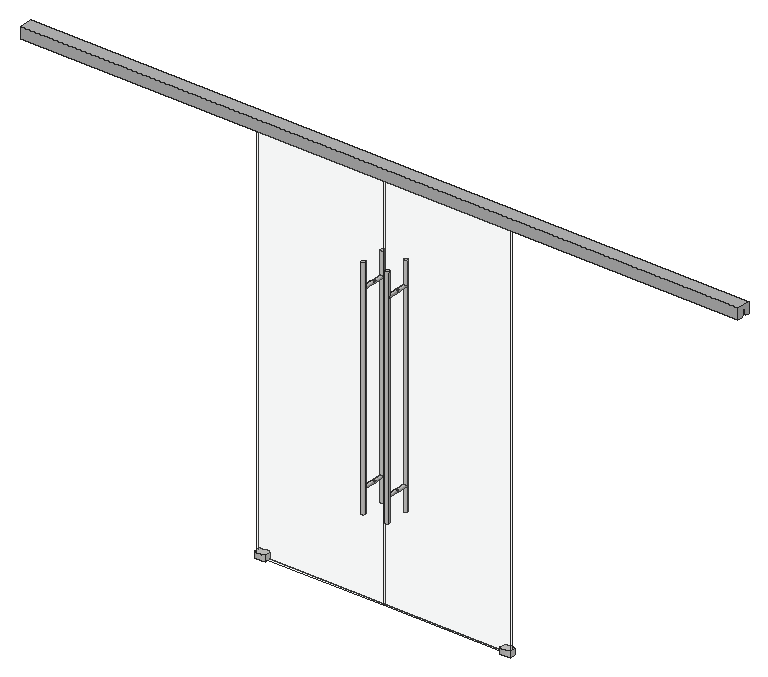
Revit family "Doors_Sliding_Avanti_Systems_Polaris-Auto-Magnetic-Slider_Pair-Soffit-Mount-Sgl-Glazed", category Doors, Revit 2015 (continued)
Definition of nested family "Handle"
  Definition of nested family "Handle_For-Glass_Rounded_60in"
    Forms (in)
      Extrusion 5, solid, material <- "Handle Material", visible <- "Locker"
        sketch origin (0, -11.8462, 0) x (0, 0, -1) y (0, 1, 0)
          loop
            line (-3.19084, 19.98905) -> (-3.34908, 19.98905)
            arc (-3.34908, 19.98905) -> (-3.37904, 19.97664) -> (-3.39145, 19.94668) r 0.04237
            line (-3.39145, 19.94668) -> (-3.39145, 19.80495)
            arc (-3.39145, 19.80495) -> (-3.37904, 19.77499) -> (-3.34908, 19.76258) r 0.04237
            line (-3.34908, 19.76258) -> (-3.19084, 19.76258) -> (-3.19084, 19.98905)
        from -0.03592 to 0.03621
      Revolve 6, solid, material <- "Handle Material", visible <- "No locker"
        sketch origin (0, -11.62359, 0) x (0, 0, -1) y (0, 1, 0)
          loop
            line (-3.10757, 20.0489) -> (-3.20833, 20.0489) -> (-3.20833, 19.87581) -> (-3.10757, 19.87581) -> (-3.10757, 20.0489)
          axis (-3.10757, 19.87581) -> (-3.20833, 19.87581)
        angle from 0 to 360
      Revolve 7, solid, material <- "Handle Material", visible <- "Locker"
        sketch origin (0, -11.8462, 0) x (0, 0, -1) y (0, 1, 0)
          loop
            line (-2.27257, -28.12419) -> (-2.50833, -28.12419) -> (-2.50833, -29.32199) -> (-2.41048, -29.49919) -> (-2.27257, -29.49919) -> (-2.27257, -28.12419)
          axis (-2.27257, -28.12419) -> (-2.27257, -29.49919)
        angle from 0 to 360
    Lines and regions (in)
      reference lines
        curve 1: line (0, -40.47039, 2.66749) -> (0, -40.47039, 0)
    Dimensions and locks (in)
      locked: plane 8 to plane 5 at 3
      "Handle Height": plane 7 to plane 8
      aligned and locked: Extrusion 3 to plane 7
      aligned and locked: Extrusion 3 to plane 8
      aligned and locked: Sweep 1 sketch curve to plane 5
  Definition of nested family "Handle_For-Glass_Rounded_60in2"
    Parameters (values of type "60"")
      No locker [instance] = yes
      Locker [instance] = yes
      Handle Material [instance] = none
      Handle Height [instance] = 60"  # constant formula
    Reference planes (in)
      plane 1 "Center (Front/Back)": y = 0
      plane 2: z = 19.87581
      plane 3 "Center (Left/Right)": x = 0
      plane 4: y = -36.97039
      plane 5: z = 0
      plane 6: y = 20.02961
      plane 7: y = -39.97039
      plane 8: z = -2.66749
    Forms (in)
      Sweep 1, solid, material <- "Handle Material"
        path origin (0, -11.8462, 0) x (0, 0, 1) y (0, 1, 0)
          loop
            line (-2.10925, -25.12419) -> (0, -25.12419)
        profile origin (0, -36.97039, 0) x (0, -1, 0) y (1, 0, 0)
          loop
            circle (0, 0) r 0.3125
      Sweep 2, solid, material <- "Handle Material"
        path origin (0, 16.15997, 0) x (0, 0, 1) y (0, 1, 0)
          loop
            line (-3.10757, -8.13036) -> (0, -8.13036)
        profile origin (0, 8.02961, 0) x (0, -1, 0) y (1, 0, 0)
          loop
            circle (0, 0) r 0.4375
      Extrusion 3, solid, material <- "Handle Material"
        sketch origin (0, -11.8462, 0) x (1, 0, 0) y (0, 0, -1)
          loop
            circle (0, 2.27257) r 0.39445
        from -28.12419 to 31.87581
      Revolve 4, solid, material <- "Handle Material"
        sketch origin (0, -11.8462, 0) x (0, 0, 1) y (0, 1, 0)
          loop
            line (-3.10757, 20.0489) -> (-3.19084, 20.0489) -> (-3.19084, 19.87581) -> (-3.10757, 19.87581) -> (-3.10757, 20.0489)
          axis (-3.10757, 19.87581) -> (-3.19084, 19.87581)
        angle from 0 to 360
      Extrusion 5, solid, material <- "Handle Material", visible <- "Locker"
        sketch origin (0, -11.8462, 0) x (0, 0, 1) y (0, -1, 0)
          loop
            line (-3.19084, -19.98905) -> (-3.19084, -19.76258) -> (-3.34908, -19.76258)
            arc (-3.34908, -19.76258) -> (-3.37904, -19.77499) -> (-3.39145, -19.80495) r 0.04237
            line (-3.39145, -19.80495) -> (-3.39145, -19.94668)
            arc (-3.39145, -19.94668) -> (-3.37904, -19.97664) -> (-3.34908, -19.98905) r 0.04237
            line (-3.34908, -19.98905) -> (-3.19084, -19.98905)
        from -0.03592 to 0.03621
      Revolve 6, solid, material <- "Handle Material", visible <- "No locker"
        sketch origin (0, -11.62359, 0) x (0, 0, 1) y (0, 1, 0)
          loop
            line (-3.10757, 20.0489) -> (-3.20833, 20.0489) -> (-3.20833, 19.87581) -> (-3.10757, 19.87581) -> (-3.10757, 20.0489)
          axis (-3.10757, 19.87581) -> (-3.20833, 19.87581)
        angle from 0 to 360
      Revolve 7, solid, material <- "Handle Material", visible <- "Locker"
        sketch origin (0, -11.8462, 0) x (0, 0, 1) y (0, 1, 0)
          loop
            line (-2.27257, -28.12419) -> (-2.50833, -28.12419) -> (-2.50833, -29.32199) -> (-2.41048, -29.49919) -> (-2.27257, -29.49919) -> (-2.27257, -28.12419)
          axis (-2.27257, -28.12419) -> (-2.27257, -29.49919)
        angle from 0 to 360
    Lines and regions (in)
      reference lines
        curve 1: line (0, -40.47039, -2.66749) -> (0, -40.47039, 0)
    Dimensions and locks (in)
      locked: plane 7 to plane 4 at 3
      "Handle Height": plane 6 to plane 7
Definition of nested family "Rail-Detail"
  Parameters (values of type "Family9")
    Thickness = 0.15364"
    Half Thickness = Thickness / 2  # 0.07682"
  Reference planes (in)
    plane 1 "Center (Front/Back)": y = 0
    plane 2: z = 0
    plane 3 "Center (Left/Right)": x = 0
    plane 4: x = 0.07386
  Lines and regions (in)
    model lines, in view "Ref. Level"
      curve 1: arc (-1.04773, 0.84252, 0) -> (-0.88829, 0.68307, 0) -> (-0.72884, 0.84252, 0) r 0.15945
      curve 2: arc (-0.72884, -0.84252, 0) -> (-0.8873, -0.68406, 0) -> (-1.04577, -0.84252, 0) r 0.15846
      curve 3: arc (1.33613, 1.08268, 0) -> (1.31306, 1.13836, 0) -> (1.25739, 1.16142, 0) r 0.07874
      curve 4: arc (1.25739, -1.18111, 0) -> (1.31306, -1.15804, 0) -> (1.33613, -1.10236, 0) r 0.07874
      curve 5: arc (0.74558, -1.16929, 0) -> (0.74904, -1.17765, 0) -> (0.75739, -1.18111, 0) r 0.01181
      curve 6: arc (0.75739, -1.07284, 0) -> (0.74903, -1.0763, 0) -> (0.74558, -1.08465, 0) r 0.01181
      curve 7: arc (0.80848, -1.07562, 0) -> (0.80492, -1.07355, 0) -> (0.80087, -1.07284, 0) r 0.01182
      curve 8: arc (0.81644, -1.08759, 0) -> (0.81516, -1.08223, 0) -> (0.81158, -1.07804, 0) r 0.01181
      curve 9: arc (0.81644, -1.12205, 0) -> (0.81875, -1.12762, 0) -> (0.82432, -1.12992, 0) r 0.00787
      curve 10: arc (0.86369, -1.12992, 0) -> (0.86925, -1.12762, 0) -> (0.87156, -1.12205, 0) r 0.00787
      curve 11: arc (0.87642, -1.07804, 0) -> (0.87285, -1.08223, 0) -> (0.87156, -1.08759, 0) r 0.01181
      curve 12: arc (0.87642, -1.07804, 0) -> (0.89912, -1.03347, 0) -> (0.87642, -0.9889, 0) r 0.05512
      curve 13: arc (0.87156, -0.97934, 0) -> (0.87285, -0.9847, 0) -> (0.87642, -0.9889, 0) r 0.01182
      curve 14: arc (0.87156, -0.94488, 0) -> (0.86925, -0.93932, 0) -> (0.86369, -0.93701, 0) r 0.00787
      curve 15: arc (0.82432, -0.93701, 0) -> (0.81875, -0.93932, 0) -> (0.81644, -0.94488, 0) r 0.00787
      curve 16: arc (0.81158, -0.98889, 0) -> (0.81516, -0.9847, 0) -> (0.81644, -0.97934, 0) r 0.01182
      curve 17: arc (0.80088, -0.9941, 0) -> (0.80493, -0.99338, 0) -> (0.80848, -0.99132, 0) r 0.0118
      curve 18: arc (0.74558, -0.98229, 0) -> (0.74903, -0.99064, 0) -> (0.75739, -0.9941, 0) r 0.01181
      curve 19: arc (0.75739, -0.88583, 0) -> (0.74903, -0.88929, 0) -> (0.74558, -0.89764, 0) r 0.01181
      curve 20: arc (1.00148, -0.89764, 0) -> (0.99802, -0.88929, 0) -> (0.98967, -0.88583, 0) r 0.01181
      curve 21: arc (1.00148, -1.09055, 0) -> (1.00494, -1.0989, 0) -> (1.01329, -1.10236, 0) r 0.01181
      curve 22: arc (1.26526, -1.10236, 0) -> (1.27361, -1.0989, 0) -> (1.27707, -1.09055, 0) r 0.01181
      curve 23: arc (1.27707, 0.68898, 0) -> (1.26554, 0.71682, 0) -> (1.2377, 0.72835, 0) r 0.03937
      curve 24: arc (1.21802, 0.74016, 0) -> (1.22148, 0.73181, 0) -> (1.22983, 0.72835, 0) r 0.01181
      curve 25: arc (1.21802, 1.01968, 0) -> (1.21571, 1.02525, 0) -> (1.21014, 1.02756, 0) r 0.00788
      curve 26: arc (0.844, 1.09843, 0) -> (0.80857, 1.06299, 0) -> (0.844, 1.02756, 0) r 0.03543
      curve 27: arc (1.07629, 1.09843, 0) -> (1.08185, 1.10073, 0) -> (1.08416, 1.1063, 0) r 0.00787
      curve 28: arc (1.09204, 1.16142, 0) -> (1.08647, 1.15911, 0) -> (1.08416, 1.15354, 0) r 0.00788
      curve 29: arc (-1.25049, 0.88583, 0) -> (-1.25884, 0.88237, 0) -> (-1.2623, 0.87402, 0) r 0.01181
      curve 30: arc (-1.2623, -0.87402, 0) -> (-1.25884, -0.88237, 0) -> (-1.25049, -0.88583, 0) r 0.01181
      curve 31: arc (-0.46309, -0.9941, 0) -> (-0.45474, -0.99064, 0) -> (-0.45128, -0.98229, 0) r 0.01181
      curve 32: arc (-0.51419, -0.99132, 0) -> (-0.51689, -0.98918, 0) -> (-0.51971, -0.98722, 0) r 0.05492
      curve 33: arc (0.82235, 0.88583, 0) -> (0.814, 0.88237, 0) -> (0.81054, 0.87402, 0) r 0.01181
      curve 34: arc (-0.1875, 1.02362, 0) -> (-0.19585, 1.02017, 0) -> (-0.19931, 1.01181, 0) r 0.01181
      curve 35: arc (-0.21112, 0.95669, 0) -> (-0.20277, 0.96015, 0) -> (-0.19931, 0.9685, 0) r 0.01181
      curve 36: arc (-0.49065, 0.95669, 0) -> (-0.499, 0.95323, 0) -> (-0.50246, 0.94488, 0) r 0.01181
      curve 37: arc (-0.50246, 0.85827, 0) -> (-0.499, 0.84992, 0) -> (-0.49065, 0.84646, 0) r 0.01181
      curve 38: arc (-0.39616, 0.83465, 0) -> (-0.39962, 0.843, 0) -> (-0.40797, 0.84646, 0) r 0.01181
      curve 39: arc (-0.40797, 0.72835, 0) -> (-0.39962, 0.73181, 0) -> (-0.39616, 0.74016, 0) r 0.01181
      curve 40: arc (-0.50593, 0.73181, 0) -> (-0.50209, 0.72925, 0) -> (-0.49756, 0.72835, 0) r 0.01184
      curve 41: arc (-0.60088, 0.83166, 0) -> (-0.59998, 0.82715, 0) -> (-0.59743, 0.82332, 0) r 0.0118
      curve 42: arc (-0.60088, 0.87402, 0) -> (-0.60434, 0.88237, 0) -> (-0.61269, 0.88583, 0) r 0.01181
      curve 43: arc (1.13337, 0.87402, 0) -> (1.12991, 0.88237, 0) -> (1.12156, 0.88583, 0) r 0.01181
      curve 44: arc (0.81054, 0.8189, 0) -> (0.814, 0.81054, 0) -> (0.82235, 0.80709, 0) r 0.01181
      curve 45: arc (0.86369, 0.79528, 0) -> (0.86023, 0.80363, 0) -> (0.85188, 0.80709, 0) r 0.01181
      curve 46: arc (0.85188, 0.72835, 0) -> (0.86023, 0.73181, 0) -> (0.86369, 0.74016, 0) r 0.01181
      curve 47: arc (0.59991, 0.84646, 0) -> (0.59155, 0.843, 0) -> (0.58809, 0.83465, 0) r 0.01181
      curve 48: arc (0.68258, 0.84646, 0) -> (0.69094, 0.84992, 0) -> (0.69439, 0.85827, 0) r 0.01181
      curve 49: arc (-0.45128, -0.89764, 0) -> (-0.45474, -0.88929, 0) -> (-0.46309, -0.88583, 0) r 0.01181
      curve 50: arc (-0.51419, -0.99132, 0) -> (-0.51063, -0.99338, 0) -> (-0.50658, -0.9941, 0) r 0.0118
      curve 51: arc (-0.57969, -0.98722, 0) -> (-0.60482, -1.03347, 0) -> (-0.57969, -1.07971, 0) r 0.05512
      curve 52: arc (-0.51971, -1.07971, 0) -> (-0.51688, -1.07775, 0) -> (-0.51418, -1.07562, 0) r 0.05538
      curve 53: arc (-0.50657, -1.07284, 0) -> (-0.51062, -1.07355, 0) -> (-0.51418, -1.07562, 0) r 0.01182
      curve 54: arc (-0.45128, -1.08465, 0) -> (-0.45474, -1.0763, 0) -> (-0.46309, -1.07284, 0) r 0.01181
      curve 55: arc (-0.46309, -1.18111, 0) -> (-0.45474, -1.17765, 0) -> (-0.45128, -1.16929, 0) r 0.01181
      curve 56: arc (-1.41978, -1.10236, 0) -> (-1.39672, -1.15804, 0) -> (-1.34104, -1.18111, 0) r 0.07874
      curve 57: arc (-1.34104, 1.1811, 0) -> (-1.39672, 1.15804, 0) -> (-1.41978, 1.10236, 0) r 0.07874
      curve 58: arc (0.5881, 0.74016, 0) -> (0.59155, 0.73181, 0) -> (0.59991, 0.72835, 0) r 0.01181
      curve 59: arc (0.78638, 1.17372, 0) -> (0.78203, 1.17909, 0) -> (0.77543, 1.1811, 0) r 0.01181
      curve 60: arc (0.78638, 1.17372, 0) -> (0.80463, 1.16142, 0) -> (0.82288, 1.17372, 0) r 0.01969
      curve 61: arc (0.83383, 1.1811, 0) -> (0.82723, 1.17909, 0) -> (0.82288, 1.17372, 0) r 0.01181
      curve 62: arc (0.69439, 0.94488, 0) -> (0.69094, 0.95323, 0) -> (0.68258, 0.95669, 0) r 0.01181
      curve 63: arc (0.39124, 0.9685, 0) -> (0.3947, 0.96015, 0) -> (0.40305, 0.95669, 0) r 0.01181
      curve 64: arc (0.39124, 1.01181, 0) -> (0.38779, 1.02017, 0) -> (0.37943, 1.02362, 0) r 0.01181
      curve 65: arc (1.20893, 0.9635, 0) -> (1.21547, 0.96767, 0) -> (1.21802, 0.975, 0) r 0.01181
      curve 66: arc (1.20893, 0.9635, 0) -> (1.17865, 0.9252, 0) -> (1.20893, 0.88689, 0) r 0.03937
      curve 67: arc (1.21802, 0.8754, 0) -> (1.21547, 0.88272, 0) -> (1.20893, 0.88689, 0) r 0.01181
      curve 68: arc (1.20621, 0.72835, 0) -> (1.21456, 0.73181, 0) -> (1.21802, 0.74016, 0) r 0.01181
      curve 69: arc (1.08022, 0.74016, 0) -> (1.08368, 0.73181, 0) -> (1.09203, 0.72835, 0) r 0.01181
      curve 70: arc (1.09203, 0.80709, 0) -> (1.08368, 0.80363, 0) -> (1.08022, 0.79528, 0) r 0.01181
      curve 71: arc (1.12156, 0.80709, 0) -> (1.12991, 0.81054, 0) -> (1.13337, 0.8189, 0) r 0.01181
      curve 72: arc (-1.09695, -1.04331, 0) -> (-1.09464, -1.04888, 0) -> (-1.08907, -1.05118, 0) r 0.00787
      curve 73: arc (-0.6875, -1.05118, 0) -> (-0.68193, -1.04888, 0) -> (-0.67962, -1.04331, 0) r 0.00787
      curve 74: arc (-0.67175, -0.88583, 0) -> (-0.67732, -0.88813, 0) -> (-0.67962, -0.8937, 0) r 0.00787
      curve 75: arc (-1.09695, -0.8937, 0) -> (-1.09925, -0.88814, 0) -> (-1.10482, -0.88583, 0) r 0.00787
      curve 76: arc (-1.08907, 1.05118, 0) -> (-1.09463, 1.04888, 0) -> (-1.09695, 1.04332, 0) r 0.00788
      curve 77: arc (-1.10482, 0.88583, 0) -> (-1.09925, 0.88814, 0) -> (-1.09695, 0.8937, 0) r 0.00787
      curve 78: arc (-0.67962, 1.0433, 0) -> (-0.68193, 1.04888, 0) -> (-0.6875, 1.05118, 0) r 0.00788
      curve 79: arc (-0.67962, 0.8937, 0) -> (-0.67732, 0.88813, 0) -> (-0.67175, 0.88583, 0) r 0.00787
      curve 80: arc (-0.53002, -1.12992, 0) -> (-0.52445, -1.12762, 0) -> (-0.52214, -1.12205, 0) r 0.00787
      curve 81: arc (-0.57726, -1.12205, 0) -> (-0.57495, -1.12762, 0) -> (-0.56939, -1.12992, 0) r 0.00787
      curve 82: arc (-0.56939, -0.93701, 0) -> (-0.57495, -0.93932, 0) -> (-0.57726, -0.94488, 0) r 0.00787
      curve 83: arc (-0.52214, -0.94488, 0) -> (-0.52445, -0.93932, 0) -> (-0.53002, -0.93701, 0) r 0.00787
      curve 84: arc (1.08022, 1.16929, 0) -> (1.07676, 1.17764, 0) -> (1.06841, 1.1811, 0) r 0.01181
      curve 85: arc (1.04085, 1.10236, 0) -> (1.06869, 1.1139, 0) -> (1.08022, 1.14173, 0) r 0.03937
      curve 86: arc (0.99314, 1.10691, 0) -> (0.99728, 1.10356, 0) -> (1.00246, 1.10236, 0) r 0.01181
      curve 87: arc (0.99314, 1.10691, 0) -> (0.96211, 1.12205, 0) -> (0.93108, 1.10691, 0) r 0.03937
      curve 88: arc (0.92177, 1.10236, 0) -> (0.92695, 1.10356, 0) -> (0.93108, 1.10691, 0) r 0.01181
      curve 89: arc (0.844, 1.10236, 0) -> (0.80463, 1.06299, 0) -> (0.844, 1.02362, 0) r 0.03937
      curve 90: arc (0.93108, 1.01908, 0) -> (0.92695, 1.02243, 0) -> (0.92177, 1.02362, 0) r 0.01181
      curve 91: arc (0.93108, 1.01908, 0) -> (0.96211, 1.00394, 0) -> (0.99314, 1.01908, 0) r 0.03937
      curve 92: arc (1.00246, 1.02362, 0) -> (0.99727, 1.02243, 0) -> (0.99314, 1.01908, 0) r 0.01181
      curve 93: arc (1.21802, 1.01181, 0) -> (1.21456, 1.02017, 0) -> (1.20621, 1.02362, 0) r 0.01181
      curve 94: line (-1.03396, 1, 0) -> (-0.74262, 1, 0)
      curve 95: line (-1.04773, 0.84252, 0) -> (-1.04773, 0.89626, 0)
      curve 96: line (-0.72884, 0.89626, 0) -> (-0.72884, 0.84252, 0)
      curve 97: line (-1.03396, -1, 0) -> (-0.74262, -1, 0)
      curve 98: line (-0.72884, -0.89626, 0) -> (-0.72884, -0.84252, 0)
      curve 99: line (-1.04577, -0.84252, 0) -> (-1.04577, -0.89626, 0)
      curve 100: line (1.33613, -1.10236, 0) -> (1.33613, 1.08268, 0)
      curve 101: line (0.75739, -1.18111, 0) -> (1.25739, -1.18111, 0)
      curve 102: line (0.75739, -1.07284, 0) -> (0.80087, -1.07284, 0)
      curve 103: line (0.81644, -1.08759, 0) -> (0.81644, -1.12205, 0)
      curve 104: line (0.82432, -1.12992, 0) -> (0.86369, -1.12992, 0)
      curve 105: line (0.87156, -1.12205, 0) -> (0.87156, -1.08759, 0)
      curve 106: line (0.87156, -0.97934, 0) -> (0.87156, -0.94488, 0)
      curve 107: line (0.86369, -0.93701, 0) -> (0.82432, -0.93701, 0)
      curve 108: line (0.81644, -0.94488, 0) -> (0.81644, -0.97934, 0)
      curve 109: line (0.80088, -0.9941, 0) -> (0.75739, -0.9941, 0)
      curve 110: line (0.75739, -0.88583, 0) -> (0.98967, -0.88583, 0)
      curve 111: line (1.26526, -1.10236, 0) -> (1.01329, -1.10236, 0)
      curve 112: line (1.27707, 0.68898, 0) -> (1.27707, -1.09055, 0)
      curve 113: line (1.22983, 0.72835, 0) -> (1.2377, 0.72835, 0)
      curve 114: line (1.21802, 1.01968, 0) -> (1.21802, 0.74016, 0)
      curve 115: line (1.21802, 0.74016, 0) -> (1.21802, 0.8754, 0)
      curve 116: line (1.00246, 1.02362, 0) -> (1.20621, 1.02362, 0)
      curve 117: line (1.21014, 1.02756, 0) -> (0.844, 1.02756, 0)
      curve 118: line (0.844, 1.02362, 0) -> (0.92177, 1.02362, 0)
      curve 119: line (0.92177, 1.10236, 0) -> (0.844, 1.10236, 0)
      curve 120: line (0.844, 1.09843, 0) -> (1.07629, 1.09843, 0)
      curve 121: line (1.08416, 1.1063, 0) -> (1.08416, 1.15354, 0)
      curve 122: line (1.25739, 1.16142, 0) -> (1.09204, 1.16142, 0)
      curve 123: line (0.74558, -0.89764, 0) -> (0.74558, -0.98229, 0)
      curve 124: line (1.00148, -1.09055, 0) -> (1.00148, -0.89764, 0)
      curve 125: line (0.74558, -1.08465, 0) -> (0.74558, -1.16929, 0)
      curve 126: line (-1.25049, 0.88583, 0) -> (-1.10482, 0.88583, 0)
      curve 127: line (-1.2623, -0.87402, 0) -> (-1.2623, 0.87402, 0)
      curve 128: line (-0.50658, -0.9941, 0) -> (-0.46309, -0.9941, 0)
      curve 129: line (0.82235, 0.88583, 0) -> (1.12156, 0.88583, 0)
      curve 130: line (-0.19931, 0.9685, 0) -> (-0.19931, 1.01181, 0)
      curve 131: line (-0.49065, 0.95669, 0) -> (-0.21112, 0.95669, 0)
      curve 132: line (-0.50246, 0.85827, 0) -> (-0.50246, 0.94488, 0)
      curve 133: line (-0.40797, 0.84646, 0) -> (-0.49065, 0.84646, 0)
      curve 134: line (-0.39616, 0.74016, 0) -> (-0.39616, 0.83465, 0)
      curve 135: line (-0.49756, 0.72835, 0) -> (-0.40797, 0.72835, 0)
      curve 136: line (-0.59743, 0.82332, 0) -> (-0.50593, 0.73181, 0)
      curve 137: line (-0.60088, 0.87402, 0) -> (-0.60088, 0.83166, 0)
      curve 138: line (-0.67175, 0.88583, 0) -> (-0.61269, 0.88583, 0)
      curve 139: line (1.13337, 0.87402, 0) -> (1.13337, 0.8189, 0)
      curve 140: line (0.81054, 0.8189, 0) -> (0.81054, 0.87402, 0)
      curve 141: line (0.85188, 0.80709, 0) -> (0.82235, 0.80709, 0)
      curve 142: line (0.86369, 0.74016, 0) -> (0.86369, 0.79528, 0)
      curve 143: line (0.59991, 0.72835, 0) -> (0.85188, 0.72835, 0)
      curve 144: line (0.58809, 0.83465, 0) -> (0.58809, 0.74016, 0)
      curve 145: line (0.68258, 0.84646, 0) -> (0.59991, 0.84646, 0)
      curve 146: line (-1.10482, -0.88583, 0) -> (-1.25049, -0.88583, 0)
      curve 147: line (-0.46309, -0.88583, 0) -> (-0.67175, -0.88583, 0)
      curve 148: line (-0.45128, -0.98229, 0) -> (-0.45128, -0.89764, 0)
      curve 149: line (-0.1875, 1.02362, 0) -> (0.07628, 1.02362, 0)
      curve 150: line (0.07628, 1.02362, 0) -> (0.09597, 1.04331, 0)
      curve 151: line (0.09597, 1.04331, 0) -> (0.11565, 1.02362, 0)
      curve 152: line (0.11565, 1.02362, 0) -> (0.37943, 1.02362, 0)
      curve 153: line (-0.46309, -1.07284, 0) -> (-0.50657, -1.07284, 0)
      curve 154: line (-0.45128, -1.16929, 0) -> (-0.45128, -1.08465, 0)
      curve 155: line (-1.34104, -1.18111, 0) -> (-0.46309, -1.18111, 0)
      curve 156: line (-1.41978, 1.10236, 0) -> (-1.41978, -1.10236, 0)
      curve 157: line (1.06841, 1.1811, 0) -> (0.83383, 1.1811, 0)
      curve 158: line (0.69439, 0.94488, 0) -> (0.69439, 0.85827, 0)
      curve 159: line (0.39124, 1.01181, 0) -> (0.39124, 0.9685, 0)
      curve 160: line (1.09203, 0.72835, 0) -> (1.20621, 0.72835, 0)
      curve 161: line (1.08022, 0.79528, 0) -> (1.08022, 0.74016, 0)
      curve 162: line (1.12156, 0.80709, 0) -> (1.09203, 0.80709, 0)
      curve 163: line (0.40305, 0.95669, 0) -> (0.68258, 0.95669, 0)
      curve 164: line (-1.09695, 1.04332, 0) -> (-1.09695, 0.8937, 0)
      curve 165: line (-0.6875, 1.05118, 0) -> (-1.08907, 1.05118, 0)
      curve 166: line (-0.67962, 0.8937, 0) -> (-0.67962, 1.0433, 0)
      curve 167: line (-0.67962, -1.04331, 0) -> (-0.67962, -0.8937, 0)
      curve 168: line (-1.08907, -1.05118, 0) -> (-0.6875, -1.05118, 0)
      curve 169: line (-1.09695, -0.8937, 0) -> (-1.09695, -1.04331, 0)
      curve 170: line (-0.57726, -1.08181, 0) -> (-0.57726, -1.12205, 0)
      curve 171: line (-0.52214, -1.12205, 0) -> (-0.52214, -1.08181, 0)
      curve 172: line (-0.52214, -0.98513, 0) -> (-0.52214, -0.94488, 0)
      curve 173: line (-0.57726, -0.94488, 0) -> (-0.57726, -0.98513, 0)
      curve 174: line (-0.53002, -1.12992, 0) -> (-0.56939, -1.12992, 0)
      curve 175: line (-0.56939, -0.93701, 0) -> (-0.53002, -0.93701, 0)
      curve 176: line (0.77543, 1.1811, 0) -> (-1.34104, 1.1811, 0)
      curve 177: line (1.08022, 1.14173, 0) -> (1.08022, 1.16929, 0)
      curve 178: line (1.00246, 1.10236, 0) -> (1.04085, 1.10236, 0)
      curve 179: line (1.21802, 0.975, 0) -> (1.21802, 1.01181, 0)
      curve 180: arc (-0.72476, 0.90317, 0) -> (-0.72774, 0.90027, 0) -> (-0.72884, 0.89626, 0) r 0.00789
      curve 181: arc (-0.72476, 0.90317, 0) -> (-0.71407, 0.92126, 0) -> (-0.72476, 0.93936, 0) r 0.02067
      curve 182: arc (-0.72884, 0.94626, 0) -> (-0.72774, 0.94225, 0) -> (-0.72476, 0.93936, 0) r 0.00787
      curve 183: arc (-1.05181, 0.93936, 0) -> (-1.04883, 0.94225, 0) -> (-1.04773, 0.94626, 0) r 0.00787
      curve 184: arc (-1.05181, 0.93936, 0) -> (-1.0625, 0.92126, 0) -> (-1.05181, 0.90317, 0) r 0.02067
      curve 185: arc (-1.04773, 0.89626, 0) -> (-1.04883, 0.90027, 0) -> (-1.05181, 0.90317, 0) r 0.00789
      curve 186: arc (-1.07529, 1.04331, 0) -> (-1.08365, 1.03984, 0) -> (-1.0871, 1.03148, 0) r 0.01181
      curve 187: arc (-0.68947, 1.0315, 0) -> (-0.69293, 1.03985, 0) -> (-0.70128, 1.04331, 0) r 0.01181
      curve 188: arc (-1.03592, 1, 0) -> (-1.04427, 0.99654, 0) -> (-1.04773, 0.98818, 0) r 0.01182
      curve 189: arc (-1.05954, 0.84646, 0) -> (-1.05119, 0.84992, 0) -> (-1.04773, 0.85827, 0) r 0.01181
      curve 190: arc (-0.72884, 0.98818, 0) -> (-0.7323, 0.99654, 0) -> (-0.74065, 1, 0) r 0.01182
      curve 191: arc (-0.72884, 0.85827, 0) -> (-0.72538, 0.84992, 0) -> (-0.71703, 0.84646, 0) r 0.01181
      curve 192: arc (-0.6245, 0.84646, 0) -> (-0.61615, 0.84992, 0) -> (-0.61269, 0.85827, 0) r 0.01181
      curve 193: arc (-0.61269, 0.87402, 0) -> (-0.61615, 0.88237, 0) -> (-0.6245, 0.88583, 0) r 0.01181
      curve 194: arc (-0.68947, 0.89764, 0) -> (-0.68601, 0.88929, 0) -> (-0.67766, 0.88583, 0) r 0.01181
      curve 195: arc (-1.09891, 0.88583, 0) -> (-1.09056, 0.88929, 0) -> (-1.0871, 0.89764, 0) r 0.01181
      curve 196: arc (-1.16388, 0.85827, 0) -> (-1.16042, 0.84992, 0) -> (-1.15207, 0.84646, 0) r 0.01181
      curve 197: arc (-1.15207, 0.88583, 0) -> (-1.16042, 0.88237, 0) -> (-1.16388, 0.87402, 0) r 0.01181
      curve 198: arc (-1.04773, -0.94626, 0) -> (-1.04883, -0.94226, 0) -> (-1.05181, -0.93936, 0) r 0.00787
      curve 199: arc (-0.72476, -0.93936, 0) -> (-0.72774, -0.94226, 0) -> (-0.72884, -0.94626, 0) r 0.00787
      curve 200: arc (-0.70128, -1.04331, 0) -> (-0.69293, -1.03985, 0) -> (-0.68947, -1.0315, 0) r 0.01181
      curve 201: arc (-1.04773, -0.98819, 0) -> (-1.04428, -0.99654, 0) -> (-1.03592, -1, 0) r 0.01181
      curve 202: arc (-1.04577, -0.85827, 0) -> (-1.04923, -0.84992, 0) -> (-1.05758, -0.84646, 0) r 0.01181
      curve 203: arc (-0.74065, -1, 0) -> (-0.7323, -0.99654, 0) -> (-0.72884, -0.98819, 0) r 0.01181
      curve 204: arc (-0.71702, -0.84646, 0) -> (-0.72538, -0.84992, 0) -> (-0.72884, -0.85827, 0) r 0.01181
      curve 205: arc (-0.61269, -0.85827, 0) -> (-0.61615, -0.84992, 0) -> (-0.62451, -0.84646, 0) r 0.01181
      curve 206: arc (-0.62451, -0.88583, 0) -> (-0.61615, -0.88237, 0) -> (-0.61269, -0.87402, 0) r 0.01181
      curve 207: arc (-0.67766, -0.88583, 0) -> (-0.68601, -0.88929, 0) -> (-0.68947, -0.89764, 0) r 0.01181
      curve 208: arc (-1.0871, -0.89764, 0) -> (-1.09056, -0.88929, 0) -> (-1.09891, -0.88583, 0) r 0.01181
      curve 209: arc (-1.15206, -0.84646, 0) -> (-1.16042, -0.84992, 0) -> (-1.16388, -0.85827, 0) r 0.01181
      curve 210: arc (-1.16388, -0.87402, 0) -> (-1.16042, -0.88237, 0) -> (-1.15206, -0.88583, 0) r 0.01181
      curve 211: arc (-1.0871, -1.0315, 0) -> (-1.08365, -1.03985, 0) -> (-1.07529, -1.04331, 0) r 0.01181
      curve 212: arc (-1.05181, -0.90316, 0) -> (-1.04883, -0.90027, 0) -> (-1.04773, -0.89626, 0) r 0.00787
      curve 213: arc (-0.72884, -0.89626, 0) -> (-0.72774, -0.90027, 0) -> (-0.72476, -0.90316, 0) r 0.00787
      curve 214: arc (-1.05181, -0.90316, 0) -> (-1.0625, -0.92126, 0) -> (-1.05181, -0.93936, 0) r 0.02067
      curve 215: arc (-0.72476, -0.93936, 0) -> (-0.71407, -0.92126, 0) -> (-0.72476, -0.90316, 0) r 0.02067
      curve 216: line (-0.67766, 0.88583, 0) -> (-0.6245, 0.88583, 0)
      curve 217: line (-0.61269, 0.87402, 0) -> (-0.61269, 0.85827, 0)
      curve 218: line (-0.6245, 0.84646, 0) -> (-0.71703, 0.84646, 0)
      curve 219: line (-0.72884, 0.85827, 0) -> (-0.72884, 0.89626, 0)
      curve 220: line (-0.72884, 0.94626, 0) -> (-0.72884, 0.98818, 0)
      curve 221: line (-0.74065, 1, 0) -> (-1.03592, 1, 0)
      curve 222: line (-1.04773, 0.98818, 0) -> (-1.04773, 0.94626, 0)
      curve 223: line (-1.04773, 0.89626, 0) -> (-1.04773, 0.85827, 0)
      curve 224: line (-1.05954, 0.84646, 0) -> (-1.15207, 0.84646, 0)
      curve 225: line (-1.16388, 0.85827, 0) -> (-1.16388, 0.87402, 0)
      curve 226: line (-1.15207, 0.88583, 0) -> (-1.09891, 0.88583, 0)
      curve 227: line (-1.07529, 1.04331, 0) -> (-0.70128, 1.04331, 0)
      curve 228: line (-0.68947, 1.0315, 0) -> (-0.68947, 0.89764, 0)
      curve 229: line (-1.0871, 0.89764, 0) -> (-1.0871, 1.03148, 0)
      curve 230: line (-0.70128, -1.04331, 0) -> (-1.07529, -1.04331, 0)
      curve 231: line (-0.62451, -0.84646, 0) -> (-0.71702, -0.84646, 0)
      curve 232: line (-0.61269, -0.87402, 0) -> (-0.61269, -0.85827, 0)
      curve 233: line (-0.67766, -0.88583, 0) -> (-0.62451, -0.88583, 0)
      curve 234: line (-1.15206, -0.88583, 0) -> (-1.09891, -0.88583, 0)
      curve 235: line (-1.16388, -0.85827, 0) -> (-1.16388, -0.87402, 0)
      curve 236: line (-1.05758, -0.84646, 0) -> (-1.15206, -0.84646, 0)
      curve 237: line (-1.04577, -0.89626, 0) -> (-1.04577, -0.85827, 0)
      curve 238: line (-0.74065, -1, 0) -> (-1.03592, -1, 0)
      curve 239: line (-0.72884, -0.94626, 0) -> (-0.72884, -0.98819, 0)
      curve 240: line (-0.72884, -0.85827, 0) -> (-0.72884, -0.89626, 0)
      curve 241: line (-1.04773, -0.98819, 0) -> (-1.04773, -0.94626, 0)
      curve 242: line (-0.68947, -1.0315, 0) -> (-0.68947, -0.89764, 0)
      curve 243: line (-1.0871, -0.89764, 0) -> (-1.0871, -1.0315, 0)
      curve 244: arc (0.91005, 0.71109, 0) -> (0.77573, 0.72832, 0) -> (0.6418, 0.70829, 0) r 0.49218
      curve 245: arc (-0.99964, 0.71542, 0) -> (-0.88829, 0.66929, 0) -> (-0.77693, 0.71542, 0) r 0.15748
      curve 246: arc (-0.99964, 0.54219, 0) -> (-0.88829, 0.49606, 0) -> (-0.77693, 0.54219, 0) r 0.15748
      curve 247: arc (-0.46, 0.66929, 0) -> (-0.4688, 0.66385, 0) -> (-0.46787, 0.65354, 0) r 0.00984
      curve 248: arc (0.71591, -0.49409, 0) -> (0.70199, -0.49986, 0) -> (0.69623, -0.51378, 0) r 0.01969
      curve 249: arc (0.87339, -0.49409, 0) -> (0.88731, -0.48833, 0) -> (0.89308, -0.47441, 0) r 0.01969
      curve 250: arc (0.89308, -0.3563, 0) -> (0.88926, -0.34465, 0) -> (0.8793, -0.33752, 0) r 0.01969
      curve 251: arc (1.15621, 0.54584, 0) -> (1.13067, 0.56291, 0) -> (1.10054, 0.5689, 0) r 0.07873
      curve 252: arc (1.15621, 0.49016, 0) -> (1.16495, 0.518, 0) -> (1.15621, 0.54584, 0) r 0.04871
      curve 253: arc (1.15621, -0.70725, 0) -> (1.16495, -0.67941, 0) -> (1.15621, -0.65157, 0) r 0.04871
      curve 254: arc (1.10054, -0.73031, 0) -> (1.13067, -0.72432, 0) -> (1.15621, -0.70725, 0) r 0.07873
      curve 255: arc (1.2282, 0.41818, 0) -> (1.23694, 0.44601, 0) -> (1.2282, 0.47385, 0) r 0.04871
      curve 256: arc (1.2282, -0.63526, 0) -> (1.23694, -0.60743, 0) -> (1.2282, -0.57959, 0) r 0.04871
      curve 257: arc (1.2282, -0.63526, 0) -> (1.24527, -0.60972, 0) -> (1.25126, -0.57959, 0) r 0.07874
      curve 258: arc (1.25126, 0.41818, 0) -> (1.24527, 0.44831, 0) -> (1.2282, 0.47385, 0) r 0.07874
      curve 259: arc (0.8793, 0.35433, 0) -> (0.86777, 0.38217, 0) -> (0.83993, 0.3937, 0) r 0.03937
      curve 260: arc (0.83993, -0.47244, 0) -> (0.86777, -0.46091, 0) -> (0.8793, -0.43307, 0) r 0.03937
      curve 261: arc (0.61532, 0.61024, 0) -> (0.60704, 0.63859, 0) -> (0.58137, 0.6532, 0) r 0.03937
      curve 262: arc (0.58137, -0.50753, 0) -> (0.60577, -0.49443, 0) -> (0.61552, -0.46851, 0) r 0.03937
      curve 263: line (0.6667, -0.52858, 0) -> (0.69623, -0.52858, 0)
      curve 264: line (0.69623, -0.52858, 0) -> (0.6667, -0.52858, 0)
      curve 265: line (0.6667, -0.52858, 0) -> (0.69623, -0.52858, 0)
      curve 266: line (0.69623, -0.52858, 0) -> (0.6667, -0.52858, 0)
      curve 267: line (0.6667, -0.52858, 0) -> (0.69623, -0.52858, 0)
      curve 268: line (0.69623, -0.52858, 0) -> (0.6667, -0.52858, 0)
      curve 269: line (0.6667, -0.52858, 0) -> (0.69623, -0.52858, 0)
      curve 270: line (0.69623, -0.52858, 0) -> (0.6667, -0.52858, 0)
      curve 271: line (0.6667, -0.52858, 0) -> (0.6667, -0.55417, 0)
      curve 272: line (0.6667, -0.55417, 0) -> (0.69623, -0.55417, 0)
      curve 273: line (0.8793, -0.24596, 0) -> (0.91005, -0.23865, 0)
      curve 274: line (0.91005, -0.23865, 0) -> (0.93835, -0.21034, 0)
      curve 275: line (0.93835, -0.21034, 0) -> (0.93835, -0.04367, 0)
      curve 276: line (0.93835, -0.04367, 0) -> (0.93835, 0.68278, 0)
      curve 277: line (0.93835, 0.68278, 0) -> (0.91005, 0.71109, 0)
      curve 278: line (0.91005, 0.71109, 0) -> (0.91005, -0.06141, 0)
      curve 279: line (0.91005, -0.06141, 0) -> (0.91005, -0.23865, 0)
      curve 280: line (0.6418, 0.3937, 0) -> (0.6418, 0.70829, 0)
      curve 281: line (0.6418, 0.70829, 0) -> (0.6225, 0.66929, 0)
      curve 282: line (-0.65206, 0.73228, 0) -> (-0.65206, 0.74803, 0)
      curve 283: line (-0.65206, 0.74803, 0) -> (-0.67175, 0.76772, 0)
      curve 284: line (-0.67175, 0.76772, 0) -> (-0.72463, 0.76772, 0)
      curve 285: line (-0.72463, 0.76772, 0) -> (-0.77693, 0.71542, 0)
      curve 286: line (-0.77693, 0.71542, 0) -> (-0.77693, 0.54219, 0)
      curve 287: line (0.93835, 0.13779, 0) -> (0.94623, 0.13779, 0)
      curve 288: line (0.94623, 0.13779, 0) -> (0.95804, 0.14961, 0)
      curve 289: line (0.95804, 0.14961, 0) -> (0.95804, 0.32283, 0)
      curve 290: line (0.95804, 0.32283, 0) -> (0.94623, 0.33465, 0)
      curve 291: line (0.94623, 0.33465, 0) -> (0.93835, 0.33465, 0)
      curve 292: line (-1.12451, 0.54974, 0) -> (-1.12451, -0.76378, 0)
      curve 293: line (-1.12451, -0.76378, 0) -> (-1.10482, -0.78347, 0)
      curve 294: line (-1.10482, -0.78347, 0) -> (-1.05194, -0.78347, 0)
      curve 295: line (-1.05194, -0.78347, 0) -> (-0.99964, -0.73116, 0)
      curve 296: line (-0.99964, -0.73116, 0) -> (-0.99964, 0.54219, 0)
      curve 297: line (-0.99964, 0.54219, 0) -> (-1.05194, 0.59449, 0)
      curve 298: line (-1.05194, 0.59449, 0) -> (-1.10482, 0.59449, 0)
      curve 299: line (-1.10482, 0.59449, 0) -> (-1.12451, 0.57481, 0)
      curve 300: line (-1.12451, 0.57481, 0) -> (-1.12451, 0.54974, 0)
      curve 301: line (-0.77693, -0.73116, 0) -> (-0.72463, -0.78347, 0)
      curve 302: line (-0.72463, -0.78347, 0) -> (-0.67175, -0.78347, 0)
      curve 303: line (-0.67175, -0.78347, 0) -> (-0.65206, -0.76378, 0)
      curve 304: line (-0.65206, -0.76378, 0) -> (-0.65206, 0.57481, 0)
      curve 305: line (-0.65206, 0.57481, 0) -> (-0.67175, 0.59449, 0)
      curve 306: line (-0.67175, 0.59449, 0) -> (-0.72463, 0.59449, 0)
      curve 307: line (-0.72463, 0.59449, 0) -> (-0.77693, 0.54219, 0)
      curve 308: line (-0.77693, 0.54219, 0) -> (-0.77693, -0.73116, 0)
      curve 309: line (-0.65206, 0.57481, 0) -> (-0.65206, 0.73228, 0)
      curve 310: line (-1.12451, 0.73228, 0) -> (-1.12451, 0.74803, 0)
      curve 311: line (-1.12451, 0.74803, 0) -> (-1.10482, 0.76772, 0)
      curve 312: line (-1.10482, 0.76772, 0) -> (-1.05194, 0.76772, 0)
      curve 313: line (-1.05194, 0.76772, 0) -> (-0.99964, 0.71542, 0)
      curve 314: line (-0.99964, 0.71542, 0) -> (-0.99964, 0.54219, 0)
      curve 315: line (-0.63238, 0.14961, 0) -> (-0.65206, 0.14961, 0)
      curve 316: line (-0.65206, -0.33858, 0) -> (-0.63238, -0.33858, 0)
      curve 317: line (-0.63238, 0.30709, 0) -> (-0.65206, 0.30709, 0)
      curve 318: line (0.61532, 0.3937, 0) -> (0.83993, 0.3937, 0)
      curve 319: line (0.83993, 0.3937, 0) -> (0.8793, 0.3937, 0)
      curve 320: line (0.8793, 0.3937, 0) -> (0.8793, 0.35433, 0)
      curve 321: line (0.8793, 0.35433, 0) -> (0.8793, -0.43307, 0)
      curve 322: line (0.8793, -0.43307, 0) -> (0.8793, -0.47244, 0)
      curve 323: line (0.8793, -0.47244, 0) -> (0.83993, -0.47244, 0)
      curve 324: line (0.83993, -0.47244, 0) -> (0.61532, -0.47244, 0)
      curve 325: line (0.61532, -0.47244, 0) -> (0.61532, 0.61024, 0)
      curve 326: line (0.62339, 0.3937, 0) -> (0.62339, 0.67109, 0)
      curve 327: line (0.6225, 0.66929, 0) -> (-0.46, 0.66929, 0)
      curve 328: line (0.93835, 0.5689, 0) -> (1.10054, 0.5689, 0)
      curve 329: line (1.10054, 0.5689, 0) -> (1.10054, 0.49016, 0)
      curve 330: line (1.10054, 0.49016, 0) -> (1.10054, -0.65157, 0)
      curve 331: line (1.10054, -0.65157, 0) -> (0.69623, -0.65157, 0)
      curve 332: line (0.69623, -0.65157, 0) -> (0.69623, -0.51378, 0)
      curve 333: line (0.71591, -0.49409, 0) -> (0.87339, -0.49409, 0)
      curve 334: line (0.89308, -0.47441, 0) -> (0.89308, -0.3563, 0)
      curve 335: line (0.93835, 0.49016, 0) -> (1.10054, 0.49016, 0)
      curve 336: line (1.10054, 0.49016, 0) -> (1.15621, 0.49016, 0)
      curve 337: line (1.15621, 0.49016, 0) -> (1.15621, -0.65157, 0)
      curve 338: line (1.15621, -0.65157, 0) -> (1.10054, -0.65157, 0)
      curve 339: line (1.10054, -0.65157, 0) -> (1.10054, -0.73031, 0)
      curve 340: line (1.10054, -0.73031, 0) -> (0.69623, -0.73031, 0)
      curve 341: line (0.69623, -0.73031, 0) -> (0.69623, -0.65157, 0)
      curve 342: line (1.2282, 0.41818, 0) -> (1.15621, 0.49016, 0)
      curve 343: line (1.15621, 0.54584, 0) -> (1.2282, 0.47385, 0)
      curve 344: line (1.2282, -0.63526, 0) -> (1.15621, -0.70725, 0)
      curve 345: line (1.15621, -0.65157, 0) -> (1.2282, -0.57959, 0)
      curve 346: line (1.2282, -0.57959, 0) -> (1.2282, 0.41818, 0)
      curve 347: line (1.2282, 0.41818, 0) -> (1.25126, 0.41818, 0)
      curve 348: line (1.25126, 0.41818, 0) -> (1.25126, -0.57959, 0)
      curve 349: line (1.25126, -0.57959, 0) -> (1.2282, -0.57959, 0)
      curve 350: line (0.75331, -0.47244, 0) -> (0.75331, -0.49409, 0)
      curve 351: line (0.79268, -0.49409, 0) -> (0.79268, -0.47244, 0)
      curve 352: line (-0.67175, -0.78347, 0) -> (-0.67175, 0.76772, 0)
      curve 353: line (-0.65206, 0.59055, 0) -> (-0.64025, 0.59055, 0)
      curve 354: line (-0.62004, -0.59055, 0) -> (-0.63238, -0.59055, 0)
      curve 355: line (-0.56039, -0.59055, 0) -> (-0.65206, -0.59055, 0)
      curve 356: line (-0.63238, -0.59055, 0) -> (-0.63238, -0.54252, 0)
      curve 357: line (-0.36405, -0.78347, 0) -> (-0.00296, -0.78347, 0)
      curve 358: line (-0.00296, -0.78347, 0) -> (-0.00296, 0.17718, 0)
      curve 359: line (-0.27694, 0.17718, 0) -> (0.21444, 0.17718, 0)
      curve 360: line (0.21444, 0.17718, 0) -> (0.15068, 0.17694, 0)
      curve 361: line (0.62339, 0.43307, 0) -> (0.61532, 0.43307, 0)
      curve 362: line (0.18652, 0.39972, 0) -> (0.19789, 0.37587, 0)
      curve 363: line (0.19789, 0.37587, 0) -> (0.2062, 0.32874, 0)
      curve 364: line (0.2062, 0.32874, 0) -> (0.2062, 0.17718, 0)
      curve 365: line (-0.27694, 0.1811, 0) -> (-0.27694, 0.20079, 0)
      curve 366: line (-0.27694, 0.20079, 0) -> (0.18652, 0.20079, 0)
      curve 367: line (0.18652, 0.20079, 0) -> (0.18652, 0.17718, 0)
      curve 368: line (-1.05194, 0.76772, 0) -> (-1.05194, 0.59449, 0)
      curve 369: line (-1.05194, 0.59449, 0) -> (-1.05194, -0.78347, 0)
      curve 370: line (-1.10482, 0.76772, 0) -> (-1.10482, 0.59449, 0)
      curve 371: line (-1.10482, 0.59449, 0) -> (-1.10482, 0.56869, 0)
      curve 372: line (-1.10482, 0.56869, 0) -> (-1.10482, -0.78347, 0)
      curve 373: line (-0.72463, 0.76772, 0) -> (-0.72463, 0.59449, 0)
      curve 374: line (-0.72463, 0.59449, 0) -> (-0.72463, -0.78347, 0)
      curve 375: line (-1.12451, 0.57481, 0) -> (-1.12451, 0.73228, 0)
      curve 376: line (-0.56039, 0.61417, 0) -> (-0.64025, 0.61417, 0)
      curve 377: line (-0.64025, 0.61417, 0) -> (-0.64025, 0.65354, 0)
      curve 378: line (-0.64025, 0.65354, 0) -> (-0.56039, 0.65354, 0)
      curve 379: line (-0.64025, -0.46851, 0) -> (-0.64025, -0.33858, 0)
      curve 380: line (-0.64025, 0.30709, 0) -> (-0.64025, 0.61417, 0)
      curve 381: line (-0.65206, -0.51181, 0) -> (-0.63238, -0.50787, 0)
      curve 382: line (-0.64025, -0.50945, 0) -> (-0.64025, -0.46851, 0)
      curve 383: line (0.58137, -0.7441, 0) -> (0.58137, 0.61417, 0)
      curve 384: line (0.58137, 0.61417, 0) -> (0.58137, 0.65354, 0)
      curve 385: line (0.58137, 0.65354, 0) -> (0.37163, 0.65354, 0)
      curve 386: line (0.37163, 0.65354, 0) -> (0.18652, 0.65354, 0)
      curve 387: line (0.4846, 0.16142, 0) -> (0.4846, -0.78347, 0)
      curve 388: line (0.4846, -0.78347, 0) -> (0.15068, -0.78347, 0)
      curve 389: line (0.15068, -0.78347, 0) -> (0.15068, 0.17694, 0)
      curve 390: line (0.15068, 0.16142, 0) -> (0.4846, 0.16142, 0)
      curve 391: line (0.58137, 0.61417, 0) -> (0.4846, 0.61417, 0)
      curve 392: line (0.4846, 0.61417, 0) -> (0.4846, 0.65354, 0)
      curve 393: line (0.4846, 0.61417, 0) -> (0.4846, -0.7441, 0)
      curve 394: line (0.4846, -0.7441, 0) -> (0.58137, -0.7441, 0)
      curve 395: line (0.58137, -0.7441, 0) -> (0.58137, -0.78347, 0)
      curve 396: line (0.58137, -0.78347, 0) -> (0.4846, -0.78347, 0)
      curve 397: line (-0.56039, 0.43701, 0) -> (-0.63238, 0.43701, 0)
      curve 398: line (-0.63238, 0.43701, 0) -> (-0.63238, -0.54252, 0)
      curve 399: line (-0.56039, -0.82284, 0) -> (-0.36405, -0.82284, 0)
      curve 400: line (-0.36405, -0.82284, 0) -> (-0.36405, -0.78347, 0)
      curve 401: line (-0.56039, -0.82284, 0) -> (-0.56039, -0.50787, 0)
      curve 402: line (-0.56039, -0.50787, 0) -> (-0.56039, 0.65354, 0)
      curve 403: line (-0.56039, 0.65354, 0) -> (0.18652, 0.65354, 0)
      curve 404: line (0.18652, 0.65354, 0) -> (0.18652, 0.20079, 0)
      curve 405: line (-0.27694, -0.78347, 0) -> (-0.27694, 0.1811, 0)
      curve 406: line (0.60607, 0.63977, 0) -> (0.62339, 0.63977, 0)
      curve 407: line (-0.64025, 0.51181, 0) -> (-0.65206, 0.51181, 0)
  Dimensions and locks (in)
    "Half Thickness": curve 358 to plane 4
    "Half Thickness": plane 4 to curve 389
Definition of nested family "Arrow"
  Reference planes (in)
    plane 1 "Center (Front/Back)": y = 0
    plane 2: z = 0
    plane 3 "Center (Left/Right)": x = 0
  Lines and regions (in)
    detail lines, in view "Ref. Level"
      curve 1: line (-2.57725, 1.35976, 0) -> (-3.93701, 0, 0)
      curve 2: line (-3.93701, 0, 0) -> (3.93701, 0, 0)
      curve 3: line (-2.57725, -1.35976, 0) -> (-3.93701, 0, 0)
